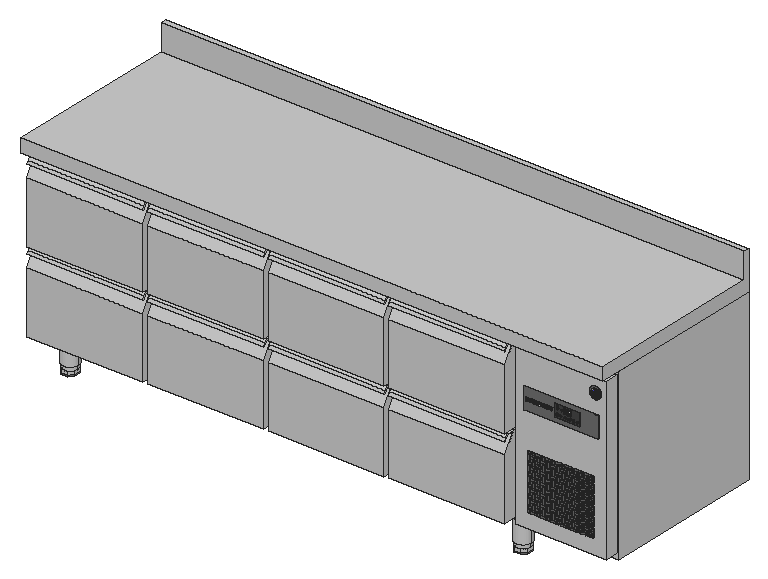
Revit family "QF_HOSHIZAKI_889040834", category Specialty Equipment, Revit 2016
Family settings
  Part Type = Normal
  Round Connector Dimension = Use Diameter
  OmniClass Number = 23.40.40.14
  OmniClass Title = Food Service Equipment
  Work Plane-Based = No
  Always vertical = Yes
  Cut with Voids When Loaded = No
  Shared = No
  Room Calculation Point = No
Parameters (values of type "889040834_230V/1Ph/50Hz")
  Weight = 159.00 kg
  Volts = 230 V
  URL Cutsheet = ""
  URL = "www.hoshizaki-europe.com"
  Status [instance] = ""
  Specification by User [instance] = ""
  Specification by Manufacturer [instance] = ""
  Serial Number = ""
  Seismic Rating = ""
  SMACNA No = ""
  Revision Code [instance] = ""
  Phase = 1
  Number of Poles = 2
  NAFEM Spec ID Number = ""
  Model = "ACR-225DG-2222-CRS-L2"
  Min Ckt Ampacity = 0 A
  Max Overcurrent Protection = 0 A
  Masterspec = ""
  Manufacturer = "HOSHIZAKI"
  Length Actual = 2246 mm
  Item Number [instance] = ""
  Installed By [instance] = ""
  Identify Quantity as Lot [instance] = no
  Height Actual = 900 mm
  HP power = ""
  Furnished By [instance] = ""
  Foodservice Equipment Identifier [instance] = yes
  FL Amps = 1.7 A
  Electric power = 240 W
  Electric Connection Type [instance] = ""
  Elec Conn RI Height [instance] = 0 mm
  Elec Conn Connection Height [instance] = 200 mm
  Description = "ADVANCE 4-SECTION 1/1 GN REFRIGERATED COUNTER WITH 4 DRAWER SECTIONS EACH WITH 2 X 1/2 DRAWERS AND A WORKTOP WITH 100 MM SPLASHBACK"
  Depth Actual = 700 mm
  Cycle = 50 Hz
  Cost = 0
  Conn Plug = ""
  Conn Conduit = no
  CSI MasterFormat = ""
  Assembly Code = "E1090320"
  Apparent Power = 240 VA
  Accessory = no
Reference planes
  plane 1 "Center (Front/Back)": y = 0
  plane 2: z = 0
  plane 3 "Center (Left/Right)": x = 0
Forms (mm)
  Extrusion 1, solid, not visible
    sketch origin (1999, -17, 349) x (1, 0, 0) y (0, 1, 0)
      loop
        line (0, 0) -> (2, 0) -> (2, 2) -> (0, 2) -> (0, 0)
    from 0 to 2
Dimensions and locks
  aligned and locked: level to plane 2
Nested families
  nested 1: "QF_HOSHIZAKI_889040834_230V_1Ph_50Hz" at (0, 0, 150), type "889040834_230V/1Ph/50Hz"
    with Show Logo yes, Length Actual 2246 mm, Height Actual 650 mm, Depth Actual 700 mm, Compressor offset 1890 mm, Compressor location 1
  nested 2: "QF_HOSHIZAKI_ADVANCE_REF-COUNTER-WORKTOPS" at (0, 0, 800), type "760660003-1"
    with Worktop thickness 50 mm, Length Actual 2246 mm, Depth Actual 700 mm, Backsplash thickness 20 mm, Backsplash height 100 mm, Worktop without backsplash no, Worktop with backsplash yes
  nested 3: "QF_HOSHIZAKI_ADVANCE_REF-COUNTER-DOORS-DRAWERS" at (22, -700, 150), type "760660483-1"
    with Weight 0.00 kg, URL Cutsheet "", Status "", Specification by User "", Specification by Manufacturer "", Serial Number "", Seismic Rating "", Section size 446 mm, Section 3, SMACNA No "", Right hand hinged glass door no, Right hand hinged door no, Revision Code "", NAFEM Spec ID Number "", Masterspec "", Length Actual 0 mm, Left hand hinged glass door no, Left hand hinged door no, Item Number "", Installed By "", Identify Quantity as Lot no, Height Actual 0 mm, Furnished By "", Foodservice Equipment Identifier no, Depth Actual 0 mm, CSI MasterFormat "", Accessory yes, 3 Drawers no, 2 Drawers 1-3 and 2-3 no, 2 Drawers yes
  nested 4: "QF_HOSHIZAKI_ADVANCE_REF-COUNTER-DOORS-DRAWERS" at (488, -700, 150), type "760660483-1"
    with Weight 0.00 kg, URL Cutsheet "", Status "", Specification by User "", Specification by Manufacturer "", Serial Number "", Seismic Rating "", Section size 446 mm, Section 3, SMACNA No "", Right hand hinged glass door no, Right hand hinged door no, Revision Code "", NAFEM Spec ID Number "", Masterspec "", Length Actual 0 mm, Left hand hinged glass door no, Left hand hinged door no, Item Number "", Installed By "", Identify Quantity as Lot no, Height Actual 0 mm, Furnished By "", Foodservice Equipment Identifier no, Depth Actual 0 mm, CSI MasterFormat "", Accessory yes, 3 Drawers no, 2 Drawers 1-3 and 2-3 no, 2 Drawers yes
  nested 5: "QF_HOSHIZAKI_ADVANCE_REF-COUNTER-DOORS-DRAWERS" at (952, -700, 150), type "760660483-1"
    with Weight 0.00 kg, URL Cutsheet "", Status "", Specification by User "", Specification by Manufacturer "", Serial Number "", Seismic Rating "", Section size 446 mm, Section 3, SMACNA No "", Right hand hinged glass door no, Right hand hinged door no, Revision Code "", NAFEM Spec ID Number "", Masterspec "", Length Actual 0 mm, Left hand hinged glass door no, Left hand hinged door no, Item Number "", Installed By "", Identify Quantity as Lot no, Height Actual 0 mm, Furnished By "", Foodservice Equipment Identifier no, Depth Actual 0 mm, CSI MasterFormat "", Accessory yes, 3 Drawers no, 2 Drawers 1-3 and 2-3 no, 2 Drawers yes
  nested 6: "QF_HOSHIZAKI_ADVANCE_REF-COUNTER-DOORS-DRAWERS" at (1416, -700, 150), type "760660483-1"
    with Weight 0.00 kg, URL Cutsheet "", Status "", Specification by User "", Specification by Manufacturer "", Serial Number "", Seismic Rating "", Section size 446 mm, Section 3, SMACNA No "", Right hand hinged glass door no, Right hand hinged door no, Revision Code "", NAFEM Spec ID Number "", Masterspec "", Length Actual 0 mm, Left hand hinged glass door no, Left hand hinged door no, Item Number "", Installed By "", Identify Quantity as Lot no, Height Actual 0 mm, Furnished By "", Foodservice Equipment Identifier no, Depth Actual 0 mm, CSI MasterFormat "", Accessory yes, 3 Drawers no, 2 Drawers 1-3 and 2-3 no, 2 Drawers yes
  nested 7: "QF_HOSHIZAKI_ADVANCE_REF-COUNTER-LEGS" at (0, 0, 0), type "760660118-7"
    with Weight 0.00 kg, URL Cutsheet "", Status "", Specification by User "", Specification by Manufacturer "", Serial Number "", Seismic Rating "", SMACNA No "", Revision Code "", NAFEM Spec ID Number "", Masterspec "", Length Actual 2246 mm, Legs inset right 430 mm, Legs inset rear 70 mm, Legs inset left 70 mm, Legs inset front 153 mm, Item Number "", Installed By "", Identify Quantity as Lot no, Height Actual 150 mm, Furnished By "", Foodservice Equipment Identifier no, Depth Actual 700 mm, Central Legs no, CSI MasterFormat "", Accessory yes
Connectors
  electrical at (2000, -15, 350), driven by "Apparent Power", driven by "Number of Poles", driven by "Volts"
    settings: on Extrusion 1, index 1, voltage 230 V, apparent load 0 VA, apparent load phase1 240 VA, apparent load phase2 0 VA, apparent load phase3 0 VA, power factor 1, load classification "Other", number of poles 2, system type 31, power factor state 1, is connector primary yes, connector utility no, sub classification motor no, connector description "Electric connection for '889040834'"
Definition of nested family "QF_HOSHIZAKI_889040834_230V_1Ph_50Hz"
  Parameters (values of type "889040834_230V/1Ph/50Hz")
    URL = "www.hoshizaki-europe.com"
    Show Logo [instance] = yes
    Model = "ACR-225DG-2222-CRS-L2"
    Manufacturer = "HOSHIZAKI"
    Length Actual [instance] = 2246 mm
    Height Actual [instance] = 650 mm
    Description = "ADVANCE 4-SECTION 1/1 GN REFRIGERATED COUNTER WITH 4 DRAWER SECTIONS EACH WITH 2 X 1/2 DRAWERS AND A WORKTOP WITH 100 MM SPLASHBACK"
    Depth Actual [instance] = 700 mm
    Compressor offset [instance] = if(Compressor location = 1, Length Actual - 356 mm, if(Compressor location = 2, 7 mm, Length Actual - 356 mm))  # 1890 mm
    Compressor location [instance] = 1
    Author = "SPECIFI"
    Assembly Code = "E1090320"
  Types (60, lengths in mm): name | Model | Length Actual | Description | Compressor offset
    889000840 | "ACR-130DG-LR-RRC-L1" | 1314 | "ADVANCE 2-SECTION 1/1 GN REFRIGERATED COUNTER WITH 2 DOORS AND A FLAT WORKTOP" | 958
    889000848 | "ACR-130DG-22-RRC-L1" | 1314 | "ADVANCE 2-SECTION 1/1 GN REFRIGERATED COUNTER WITH 2 DRAWER SECTIONS EACH WITH 2 X 1/2 DRAWERS AND A FLAT WORKTOP" | 958
    889000856 | "ACR-130DG-32-RRC-L1" | 1314 | "ADVANCE 2-SECTION 1/1 GN REFRIGERATED COUNTER WITH 1 DRAWER SECTION WITH 3 X 1/3 DRAWERS, 1 DRAWER SECTION WITH 2 X 1/2 DRAWERS AND A FLAT WORKTOP" | 958
    889000844 | "ACR-130DG-LR-RRS-L1" | 1314 | "ADVANCE 2-SECTION 1/1 GN REFRIGERATED COUNTER WITH 2 DOORS AND A WORKTOP WITH 100 MM SPLASHBACK" | 958
    889000852 | "ACR-130DG-22-RRS-L1" | 1314 | "ADVANCE 2-SECTION 1/1 GN REFRIGERATED COUNTER WITH 2 DRAWER SECTIONS EACH WITH 2 X 1/2 DRAWERS AND A WORKTOP WITH 100 MM SPLASHBACK" | 958
    889000861 | "ACR-130DG-LR-RRC-C1-U" | 1314 | "ADVANCE 2-SECTION 1/1 GN REFRIGERATED COUNTER WITH 2 DOORS AND A FLAT WORKTOP" | 958
    889000869 | "ACR-130DG-22-RRC-C1-U" | 1314 | "ADVANCE 2-SECTION 1/1 GN REFRIGERATED COUNTER WITH 2 DRAWER SECTIONS EACH WITH 2 X 1/2 DRAWERS AND A FLAT WORKTOP" | 958
    889000877 | "ACR-130DG-32-RRC-C1-U" | 1314 | "ADVANCE 2-SECTION 1/1 GN REFRIGERATED COUNTER WITH 1 DRAWER SECTION WITH 3 X 1/3 DRAWERS, 1 DRAWER SECTION WITH 2 X 1/2 DRAWERS AND A FLAT WORKTOP" | 958
    889000865 | "ACR-130DG-LR-RRS-C1-U" | 1314 | "ADVANCE 2-SECTION 1/1 GN REFRIGERATED COUNTER WITH 2 DOORS AND A WORKTOP WITH 100 MM SPLASHBACK" | 958
    889000873 | "ACR-130DG-22-RRS-C1-U" | 1314 | "ADVANCE 2-SECTION 1/1 GN REFRIGERATED COUNTER WITH 2 DRAWER SECTIONS EACH WITH 2 X 1/2 DRAWERS AND A WORKTOP WITH 100 MM SPLASHBACK" | 958
    889000842 | "ACR-130DG-LR-RRC-L2" | 1314 | "ADVANCE 2-SECTION 1/1 GN REFRIGERATED COUNTER WITH 2 DOORS AND A FLAT WORKTOP" | 958
    889000850 | "ACR-130DG-22-RRC-L2" | 1314 | "ADVANCE 2-SECTION 1/1 GN REFRIGERATED COUNTER WITH 2 DRAWER SECTIONS EACH WITH 2 X 1/2 DRAWERS AND A FLAT WORKTOP" | 958
    889000858 | "ACR-130DG-32-RRC-L2" | 1314 | "ADVANCE 2-SECTION 1/1 GN REFRIGERATED COUNTER WITH 1 DRAWER SECTION WITH 3 X 1/3 DRAWERS, 1 DRAWER SECTION WITH 2 X 1/2 DRAWERS AND A FLAT WORKTOP" | 958
    889000846 | "ACR-130DG-LR-RRS-L2" | 1314 | "ADVANCE 2-SECTION 1/1 GN REFRIGERATED COUNTER WITH 2 DOORS AND A WORKTOP WITH 100 MM SPLASHBACK" | 958
    889000854 | "ACR-130DG-22-RRS-L2" | 1314 | "ADVANCE 2-SECTION 1/1 GN REFRIGERATED COUNTER WITH 2 DRAWER SECTIONS EACH WITH 2 X 1/2 DRAWERS AND A WORKTOP WITH 100 MM SPLASHBACK" | 958
    889000822 | "ACR-130DG-LR-CRC-L2" | 1314 | "ADVANCE 2-SECTION 1/1 GN REFRIGERATED COUNTER WITH 2 DOORS AND A FLAT WORKTOP" | 958
    889000830 | "ACR-130DG-22-CRC-L2" | 1314 | "ADVANCE 2-SECTION 1/1 GN REFRIGERATED COUNTER WITH 2 DRAWER SECTIONS EACH WITH 2 X 1/2 DRAWERS AND A FLAT WORKTOP" | 958
    889000838 | "ACR-130DG-32-CRC-L2" | 1314 | "ADVANCE 2-SECTION 1/1 GN REFRIGERATED COUNTER WITH 1 DRAWER SECTION WITH 3 X 1/3 DRAWERS, 1 DRAWER SECTION WITH 2 X 1/2 DRAWERS AND A FLAT WORKTOP" | 958
    889000826 | "ACR-130DG-LR-CRS-L2" | 1314 | "ADVANCE 2-SECTION 1/1 GN REFRIGERATED COUNTER WITH 2 DOORS AND A WORKTOP WITH 100 MM SPLASHBACK" | 958
    889000834 | "ACR-130DG-22-CRS-L2" | 1314 | "ADVANCE 2-SECTION 1/1 GN REFRIGERATED COUNTER WITH 2 DRAWER SECTIONS EACH WITH 2 X 1/2 DRAWERS AND A WORKTOP WITH 100 MM SPLASHBACK" | 958
    889020840 | "ACR-180DG-LRR-RRC-L1" | 1780 | "ADVANCE 3-SECTION 1/1 GN REFRIGERATED COUNTER WITH 3 DOORS AND A FLAT WORKTOP" | 1424
    889020848 | "ACR-180DG-222-RRC-L1" | 1780 | "ADVANCE 3-SECTION 1/1 GN REFRIGERATED COUNTER WITH 3 DRAWER SECTIONS EACH WITH 2 X 1/2 DRAWERS AND A FLAT WORKTOP" | 1424
    889020856 | "ACR-180DG-332-RRC-L1" | 1780 | "ADVANCE 3-SECTION 1/1 GN REFRIGERATED COUNTER WITH 2 DRAWER SECTIONS EACH WITH 3 X 1/3 DRAWERS, 1 DRAWER SECTION WITH 2 X 1/2 DRAWERS AND A FLAT WORKTOP" | 1424
    889020844 | "ACR-180DG-LRR-RRS-L1" | 1780 | "ADVANCE 3-SECTION 1/1 GN REFRIGERATED COUNTER WITH 3 DOORS AND A WORKTOP WITH 100 MM SPLASHBACK" | 1424
    889020852 | "ACR-180DG-222-RRS-L1" | 1780 | "ADVANCE 3-SECTION 1/1 GN REFRIGERATED COUNTER WITH 3 DRAWER SECTIONS EACH WITH 2 X 1/2 DRAWERS AND A WORKTOP WITH 100 MM SPLASHBACK" | 1424
    889020861 | "ACR-180DG-LRR-RRC-C1-U" | 1780 | "ADVANCE 3-SECTION 1/1 GN REFRIGERATED COUNTER WITH 3 DOORS AND A FLAT WORKTOP" | 1424
    889020869 | "ACR-180DG-222-RRC-C1-U" | 1780 | "ADVANCE 3-SECTION 1/1 GN REFRIGERATED COUNTER WITH 3 DRAWER SECTIONS EACH WITH 2 X 1/2 DRAWERS AND A FLAT WORKTOP" | 1424
    889020877 | "ACR-180DG-332-RRC-C1-U" | 1780 | "ADVANCE 3-SECTION 1/1 GN REFRIGERATED COUNTER WITH 2 DRAWER SECTIONS EACH WITH 3 X 1/3 DRAWERS, 1 DRAWER SECTION WITH 2 X 1/2 DRAWERS AND A FLAT WORKTOP" | 1424
    889020865 | "ACR-180DG-LRR-RRS-C1-U" | 1780 | "ADVANCE 3-SECTION 1/1 GN REFRIGERATED COUNTER WITH 3 DOORS AND A WORKTOP WITH 100 MM SPLASHBACK" | 1424
    889020873 | "ACR-180DG-222-RRS-C1-U" | 1780 | "ADVANCE 3-SECTION 1/1 GN REFRIGERATED COUNTER WITH 3 DRAWER SECTIONS EACH WITH 2 X 1/2 DRAWERS AND A WORKTOP WITH 100 MM SPLASHBACK" | 1424
    889020842 | "ACR-180DG-LRR-RRC-L2" | 1780 | "ADVANCE 3-SECTION 1/1 GN REFRIGERATED COUNTER WITH 3 DOORS AND A FLAT WORKTOP" | 1424
    889020850 | "ACR-180DG-222-RRC-L2" | 1780 | "ADVANCE 3-SECTION 1/1 GN REFRIGERATED COUNTER WITH 3 DRAWER SECTIONS EACH WITH 2 X 1/2 DRAWERS AND A FLAT WORKTOP" | 1424
    889020858 | "ACR-180DG-332-RRC-L2" | 1780 | "ADVANCE 3-SECTION 1/1 GN REFRIGERATED COUNTER WITH 2 DRAWER SECTIONS EACH WITH 3 X 1/3 DRAWERS, 1 DRAWER SECTION WITH 2 X 1/2 DRAWERS AND A FLAT WORKTOP" | 1424
    889020846 | "ACR-180DG-LRR-RRS-L2" | 1780 | "ADVANCE 3-SECTION 1/1 GN REFRIGERATED COUNTER WITH 3 DOORS AND A WORKTOP WITH 100 MM SPLASHBACK" | 1424
    889020854 | "ACR-180DG-222-RRS-L2" | 1780 | "ADVANCE 3-SECTION 1/1 GN REFRIGERATED COUNTER WITH 3 DRAWER SECTIONS EACH WITH 2 X 1/2 DRAWERS AND A WORKTOP WITH 100 MM SPLASHBACK" | 1424
    889020823 | "ACR-180DG-LRR-CRC-L2" | 1780 | "ADVANCE 3-SECTION 1/1 GN REFRIGERATED COUNTER WITH 3 DOORS AND A FLAT WORKTOP" | 1424
    889020830 | "ACR-180DG-222-CRC-L2" | 1780 | "ADVANCE 3-SECTION 1/1 GN REFRIGERATED COUNTER WITH 3 DRAWER SECTIONS EACH WITH 2 X 1/2 DRAWERS AND A FLAT WORKTOP" | 1424
    889020838 | "ACR-180DG-332-CRC-L2" | 1780 | "ADVANCE 3-SECTION 1/1 GN REFRIGERATED COUNTER WITH 2 DRAWER SECTIONS EACH WITH 3 X 1/3 DRAWERS, 1 DRAWER SECTION WITH 2 X 1/2 DRAWERS AND A FLAT WORKTOP" | 1424
    889020827 | "ACR-180DG-LRR-CRS-L2" | 1780 | "ADVANCE 3-SECTION 1/1 GN REFRIGERATED COUNTER WITH 3 DOORS AND A WORKTOP WITH 100 MM SPLASHBACK" | 1424
    889020834 | "ACR-180DG-222-CRS-L2" | 1780 | "ADVANCE 3-SECTION 1/1 GN REFRIGERATED COUNTER WITH 3 DRAWER SECTIONS EACH WITH 2 X 1/2 DRAWERS AND A WORKTOP WITH 100 MM SPLASHBACK" | 1424
    889040840 | "ACR-225DG-LLRR-RRC-L1" | 2246 | "ADVANCE 4-SECTION 1/1 GN REFRIGERATED COUNTER WITH 4 DOORS AND A FLAT WORKTOP" | 1890
    889040848 | "ACR-225DG-2222-RRC-L1" | 2246 | "ADVANCE 4-SECTION 1/1 GN REFRIGERATED COUNTER WITH 4 DRAWER SECTIONS EACH WITH 2 X 1/2 DRAWERS AND A FLAT WORKTOP" | 1890
    889040856 | "ACR-225DG-3332-RRC-L1" | 2246 | "ADVANCE 4-SECTION 1/1 GN REFRIGERATED COUNTER WITH 3 DRAWER SECTIONS EACH WITH 3 X 1/3 DRAWERS, 1 DRAWER SECTION WITH 2 X 1/2 DRAWERS AND A FLAT WORKTOP" | 1890
    889040844 | "ACR-225DG-LLRR-RRS-L1" | 2246 | "ADVANCE 4-SECTION 1/1 GN REFRIGERATED COUNTER WITH 4 DOORS AND A WORKTOP WITH 100 MM SPLASHBACK" | 1890
    889040852 | "ACR-225DG-2222-RRS-L1" | 2246 | "ADVANCE 4-SECTION 1/1 GN REFRIGERATED COUNTER WITH 4 DRAWER SECTIONS EACH WITH 2 X 1/2 DRAWERS AND A WORKTOP WITH 100 MM SPLASHBACK" | 1890
    889040861 | "ACR-225DG-LLRR-RRC-C1-U" | 2246 | "ADVANCE 4-SECTION 1/1 GN REFRIGERATED COUNTER WITH 4 DOORS AND A FLAT WORKTOP" | 1890
    889040869 | "ACR-225DG-2222-RRC-C1-U" | 2246 | "ADVANCE 4-SECTION 1/1 GN REFRIGERATED COUNTER WITH 4 DRAWER SECTIONS EACH WITH 2 X 1/2 DRAWERS AND A FLAT WORKTOP" | 1890
    889040877 | "ACR-225DG-3332-RRC-C1-U" | 2246 | "ADVANCE 4-SECTION 1/1 GN REFRIGERATED COUNTER WITH 3 DRAWER SECTIONS EACH WITH 3 X 1/3 DRAWERS, 1 DRAWER SECTION WITH 2 X 1/2 DRAWERS AND A FLAT WORKTOP" | 1890
    889040865 | "ACR-225DG-LLRR-RRS-C1-U" | 2246 | "ADVANCE 4-SECTION 1/1 GN REFRIGERATED COUNTER WITH 4 DOORS AND A WORKTOP WITH 100 MM SPLASHBACK" | 1890
    889040873 | "ACR-225DG-2222-RRS-C1-U" | 2246 | "ADVANCE 4-SECTION 1/1 GN REFRIGERATED COUNTER WITH 4 DRAWER SECTIONS EACH WITH 2 X 1/2 DRAWERS AND A WORKTOP WITH 100 MM SPLASHBACK" | 1890
    889040842 | "ACR-225DG-LLRR-RRC-L2" | 2246 | "ADVANCE 4-SECTION 1/1 GN REFRIGERATED COUNTER WITH 4 DOORS AND A FLAT WORKTOP" | 1890
    889040850 | "ACR-225DG-2222-RRC-L2" | 2246 | "ADVANCE 4-SECTION 1/1 GN REFRIGERATED COUNTER WITH 4 DRAWER SECTIONS EACH WITH 2 X 1/2 DRAWERS AND A FLAT WORKTOP" | 1890
    889040858 | "ACR-225DG-3332-RRC-L2" | 2246 | "ADVANCE 4-SECTION 1/1 GN REFRIGERATED COUNTER WITH 3 DRAWER SECTIONS EACH WITH 3 X 1/3 DRAWERS, 1 DRAWER SECTION WITH 2 X 1/2 DRAWERS AND A FLAT WORKTOP" | 1890
    889040846 | "ACR-225DG-LLRR-RRS-L2" | 2246 | "ADVANCE 4-SECTION 1/1 GN REFRIGERATED COUNTER WITH 4 DOORS AND A WORKTOP WITH 100 MM SPLASHBACK" | 1890
    889040854 | "ACR-225DG-2222-RRS-L2" | 2246 | "ADVANCE 4-SECTION 1/1 GN REFRIGERATED COUNTER WITH 4 DRAWER SECTIONS EACH WITH 2 X 1/2 DRAWERS AND A WORKTOP WITH 100 MM SPLASHBACK" | 1890
    889040822 | "ACR-225DG-LLRR-CRC-L2" | 2246 | "ADVANCE 4-SECTION 1/1 GN REFRIGERATED COUNTER WITH 4 DOORS AND A FLAT WORKTOP" | 1890
    889040830 | "ACR-225DG-2222-CRC-L2" | 2246 | "ADVANCE 4-SECTION 1/1 GN REFRIGERATED COUNTER WITH 4 DRAWER SECTIONS EACH WITH 2 X 1/2 DRAWERS AND A FLAT WORKTOP" | 1890
    889040838 | "ACR-225DG-3332-CRC-L2" | 2246 | "ADVANCE 4-SECTION 1/1 GN REFRIGERATED COUNTER WITH 3 DRAWER SECTIONS EACH WITH 3 X 1/3 DRAWERS, 1 DRAWER SECTION WITH 2 X 1/2 DRAWERS AND A FLAT WORKTOP" | 1890
    889040826 | "ACR-225DG-LLRR-CRS-L2" | 2246 | "ADVANCE 4-SECTION 1/1 GN REFRIGERATED COUNTER WITH 4 DOORS AND A WORKTOP WITH 100 MM SPLASHBACK" | 1890
    889040834_230V/1Ph/50Hz | "ACR-225DG-2222-CRS-L2" | 2246 | "ADVANCE 4-SECTION 1/1 GN REFRIGERATED COUNTER WITH 4 DRAWER SECTIONS EACH WITH 2 X 1/2 DRAWERS AND A WORKTOP WITH 100 MM SPLASHBACK" | 1890
  Reference planes
    plane 1 "Back": y = 0
    plane 2: z = 0
    plane 3 "Left": x = 0
    plane 4 "Right": x = 2246
    plane 5 "Front": y = -700
    plane 6 "Top": z = 650
    plane 7 "Front legs": y = -624.512
    plane 8 "Compressor dimension": x = 2246
    plane 9 "Compressor offset": x = 1890
  Forms (mm)
    Extrusion 1, solid
      sketch origin (0, 0, 0) x (0, 1, 0) y (0, 0, 1)
        loop
          line (0, 650) -> (-624.512, 650) -> (-624.512, 0) -> (0, 0) -> (0, 650)
      from 0 to 2246
    Extrusion 2, solid
      sketch origin (1890, 0, 0) x (0, -1, 0) y (0, 0, 1)
        loop
          line (624.512, 634) -> (624.512, 20) -> (674.54, 20) -> (674.54, 634) -> (624.512, 634)
      from 0 to -349
  Lines and regions (mm)
    symbolic lines
      curve 1: line (0, 0, 650) -> (2246, 0, 650)
      curve 2: line (0, -700, 650) -> (0, 0, 650)
      curve 3: line (2246, -700, 650) -> (0, -700, 650)
      curve 4: line (2246, 0, 650) -> (2246, -700, 650)
  Dimensions and locks
    "Length Actual": plane 3 "Left" to plane 4 "Right"
    "Depth Actual": plane 5 "Front" to plane 1 "Back"
    plane 7 "Front legs" to plane 5 "Front" = 75.488 mm
    "Compressor offset": plane 3 "Left" to plane 9 "Compressor offset"
    locked: plane 9 "Compressor offset" to plane 8 "Compressor dimension" at 356
    plane 6 "Top" to level = 650 mm
    aligned and locked: level to plane 2
    aligned and locked: plane 1 "Back" to Extrusion 1 sketch curve
    aligned and locked: plane 7 "Front legs" to Extrusion 1 sketch curve
    aligned and locked: Extrusion 1 to plane 4 "Right"
    aligned and locked: plane 7 "Front legs" to Extrusion 2 sketch curve
    aligned and locked: nested 1 to plane 5 "Front"
    aligned and locked: nested 1 to plane 9 "Compressor offset"
    aligned and locked: Extrusion 1 sketch curve to plane 6 "Top"
    aligned and locked: plane 2 to Extrusion 1 sketch curve
    aligned and locked: plane 1 "Back" to curve 1
    aligned and locked: plane 5 "Front" to curve 3
    aligned and locked: plane 4 "Right" to curve 4
    aligned and locked: plane 3 "Left" to curve 2
  Automatic sketch dimensions
    plane 5 "Front" to Extrusion 2 sketch curve = 25.46 mm
    level to Extrusion 2 sketch curve = 20 mm
    Extrusion 2 sketch curve to plane 6 "Top" = 16 mm
  Nested families
    nested 1: "Control-panel" at (1890, -700, 0), Show Logo <- "Show Logo", type "Control-panel"
      with Show Logo yes
  Definition of nested family "Control-panel"
    Parameters (values of type "Control-panel")
      Show Logo [instance] = yes
    Reference planes
      plane 1 "Center (Front/Back)": y = 0
      plane 2: z = 0
      plane 3 "Center (Left/Right)": x = 0
      plane 4: z = 650
    Forms (mm)
      Extrusion 1, solid
        sketch origin (-3653, 19.5, -135) x (-1, 0, 0) y (0, 0, 1)
          loop
            arc (-3941, 426) -> (-3944.5, 422.5) -> (-3941, 419) r 3.5
            line (-3941, 419) -> (-3923, 419)
            arc (-3923, 419) -> (-3919.5, 422.5) -> (-3923, 426) r 3.5
            line (-3923, 426) -> (-3941, 426)
          loop
            arc (-3903, 426) -> (-3906.5, 422.5) -> (-3903, 419) r 3.5
            line (-3903, 419) -> (-3885, 419)
            arc (-3885, 419) -> (-3881.5, 422.5) -> (-3885, 426) r 3.5
            line (-3885, 426) -> (-3903, 426)
          loop
            arc (-3865, 426) -> (-3868.5, 422.5) -> (-3865, 419) r 3.5
            line (-3865, 419) -> (-3847, 419)
            arc (-3847, 419) -> (-3843.5, 422.5) -> (-3847, 426) r 3.5
            line (-3847, 426) -> (-3865, 426)
          loop
            arc (-3827, 426) -> (-3830.5, 422.5) -> (-3827, 419) r 3.5
            line (-3827, 419) -> (-3809, 419)
            arc (-3809, 419) -> (-3805.5, 422.5) -> (-3809, 426) r 3.5
            line (-3809, 426) -> (-3827, 426)
          loop
            arc (-3789, 426) -> (-3792.5, 422.5) -> (-3789, 419) r 3.5
            line (-3789, 419) -> (-3771, 419)
            arc (-3771, 419) -> (-3767.5, 422.5) -> (-3771, 426) r 3.5
            line (-3771, 426) -> (-3789, 426)
          loop
            arc (-3751, 426) -> (-3754.5, 422.5) -> (-3751, 419) r 3.5
            line (-3751, 419) -> (-3733, 419)
            arc (-3733, 419) -> (-3729.5, 422.5) -> (-3733, 426) r 3.5
            line (-3733, 426) -> (-3751, 426)
          loop
            arc (-3713, 426) -> (-3716.5, 422.5) -> (-3713, 419) r 3.5
            line (-3713, 419) -> (-3704, 419)
            arc (-3704, 419) -> (-3700.5, 422.5) -> (-3704, 426) r 3.5
            line (-3704, 426) -> (-3713, 426)
          loop
            arc (-3948, 422) -> (-3951, 425) -> (-3954, 422) r 3
            line (-3954, 422) -> (-3954, 413)
            arc (-3954, 413) -> (-3951, 410) -> (-3948, 413) r 3
            line (-3948, 413) -> (-3948, 422)
          loop
            line (-3938.025, 416.51) -> (-3945.025, 416.51) -> (-3945.025, 409.51) -> (-3938.025, 409.51) -> (-3938.025, 416.51)
          loop
            line (-3919.025, 416.51) -> (-3926.025, 416.51) -> (-3926.025, 409.51) -> (-3919.025, 409.51) -> (-3919.025, 416.51)
          loop
            arc (-3910, 422) -> (-3913, 425) -> (-3916, 422) r 3
            line (-3916, 422) -> (-3916, 413)
            arc (-3916, 413) -> (-3913, 410) -> (-3910, 413) r 3
            line (-3910, 413) -> (-3910, 422)
          loop
            line (-3900.025, 416.51) -> (-3907.025, 416.51) -> (-3907.025, 409.51) -> (-3900.025, 409.51) -> (-3900.025, 416.51)
          loop
            line (-3881.025, 416.51) -> (-3888.025, 416.51) -> (-3888.025, 409.51) -> (-3881.025, 409.51) -> (-3881.025, 416.51)
          loop
            arc (-3872, 422) -> (-3875, 425) -> (-3878, 422) r 3
            line (-3878, 422) -> (-3878, 413)
            arc (-3878, 413) -> (-3875, 410) -> (-3872, 413) r 3
            line (-3872, 413) -> (-3872, 422)
          loop
            line (-3862.025, 416.51) -> (-3869.025, 416.51) -> (-3869.025, 409.51) -> (-3862.025, 409.51) -> (-3862.025, 416.51)
          loop
            line (-3843.025, 416.51) -> (-3850.025, 416.51) -> (-3850.025, 409.51) -> (-3843.025, 409.51) -> (-3843.025, 416.51)
          loop
            arc (-3834, 422) -> (-3837, 425) -> (-3840, 422) r 3
            line (-3840, 422) -> (-3840, 413)
            arc (-3840, 413) -> (-3837, 410) -> (-3834, 413) r 3
            line (-3834, 413) -> (-3834, 422)
          loop
            line (-3824.025, 416.51) -> (-3831.025, 416.51) -> (-3831.025, 409.51) -> (-3824.025, 409.51) -> (-3824.025, 416.51)
          loop
            line (-3805.025, 416.51) -> (-3812.025, 416.51) -> (-3812.025, 409.51) -> (-3805.025, 409.51) -> (-3805.025, 416.51)
          loop
            arc (-3796, 422) -> (-3799, 425) -> (-3802, 422) r 3
            line (-3802, 422) -> (-3802, 413)
            arc (-3802, 413) -> (-3799, 410) -> (-3796, 413) r 3
            line (-3796, 413) -> (-3796, 422)
          loop
            line (-3786.025, 416.51) -> (-3793.025, 416.51) -> (-3793.025, 409.51) -> (-3786.025, 409.51) -> (-3786.025, 416.51)
          loop
            line (-3767.025, 416.51) -> (-3774.025, 416.51) -> (-3774.025, 409.51) -> (-3767.025, 409.51) -> (-3767.025, 416.51)
          loop
            arc (-3758, 422) -> (-3761, 425) -> (-3764, 422) r 3
            line (-3764, 422) -> (-3764, 413)
            arc (-3764, 413) -> (-3761, 410) -> (-3758, 413) r 3
            line (-3758, 413) -> (-3758, 422)
          loop
            line (-3748.025, 416.51) -> (-3755.025, 416.51) -> (-3755.025, 409.51) -> (-3748.025, 409.51) -> (-3748.025, 416.51)
          loop
            line (-3729.025, 416.51) -> (-3736.025, 416.51) -> (-3736.025, 409.51) -> (-3729.025, 409.51) -> (-3729.025, 416.51)
          loop
            arc (-3720, 422) -> (-3723, 425) -> (-3726, 422) r 3
            line (-3726, 422) -> (-3726, 413)
            arc (-3726, 413) -> (-3723, 410) -> (-3720, 413) r 3
            line (-3720, 413) -> (-3720, 422)
          loop
            line (-3710.025, 416.51) -> (-3717.025, 416.51) -> (-3717.025, 409.51) -> (-3710.025, 409.51) -> (-3710.025, 416.51)
          loop
            line (-3935.5, 412.5) -> (-3935.5, 394.5)
            arc (-3935.5, 394.5) -> (-3932, 391) -> (-3928.5, 394.5) r 3.5
            line (-3928.5, 394.5) -> (-3928.5, 412.5)
            arc (-3928.5, 412.5) -> (-3932, 416) -> (-3935.5, 412.5) r 3.5
          loop
            line (-3897.5, 412.5) -> (-3897.5, 394.5)
            arc (-3897.5, 394.5) -> (-3894, 391) -> (-3890.5, 394.5) r 3.5
            line (-3890.5, 394.5) -> (-3890.5, 412.5)
            arc (-3890.5, 412.5) -> (-3894, 416) -> (-3897.5, 412.5) r 3.5
          loop
            line (-3859.5, 412.5) -> (-3859.5, 394.5)
            arc (-3859.5, 394.5) -> (-3856, 391) -> (-3852.5, 394.5) r 3.5
            line (-3852.5, 394.5) -> (-3852.5, 412.5)
            arc (-3852.5, 412.5) -> (-3856, 416) -> (-3859.5, 412.5) r 3.5
          loop
            line (-3821.5, 412.5) -> (-3821.5, 394.5)
            arc (-3821.5, 394.5) -> (-3818, 391) -> (-3814.5, 394.5) r 3.5
            line (-3814.5, 394.5) -> (-3814.5, 412.5)
            arc (-3814.5, 412.5) -> (-3818, 416) -> (-3821.5, 412.5) r 3.5
          loop
            line (-3783.5, 412.5) -> (-3783.5, 394.5)
            arc (-3783.5, 394.5) -> (-3780, 391) -> (-3776.5, 394.5) r 3.5
            line (-3776.5, 394.5) -> (-3776.5, 412.5)
            arc (-3776.5, 412.5) -> (-3780, 416) -> (-3783.5, 412.5) r 3.5
          loop
            line (-3745.5, 412.5) -> (-3745.5, 394.5)
            arc (-3745.5, 394.5) -> (-3742, 391) -> (-3738.5, 394.5) r 3.5
            line (-3738.5, 394.5) -> (-3738.5, 412.5)
            arc (-3738.5, 412.5) -> (-3742, 416) -> (-3745.5, 412.5) r 3.5
          loop
            line (-3707.5, 412.5) -> (-3707.5, 394.5)
            arc (-3707.5, 394.5) -> (-3704, 391) -> (-3700.5, 394.5) r 3.5
            line (-3700.5, 394.5) -> (-3700.5, 412.5)
            arc (-3700.5, 412.5) -> (-3704, 416) -> (-3707.5, 412.5) r 3.5
          loop
            arc (-3922, 407) -> (-3925.5, 403.5) -> (-3922, 400) r 3.5
            line (-3922, 400) -> (-3904, 400)
            arc (-3904, 400) -> (-3900.5, 403.5) -> (-3904, 407) r 3.5
            line (-3904, 407) -> (-3922, 407)
          loop
            arc (-3884, 407) -> (-3887.5, 403.5) -> (-3884, 400) r 3.5
            line (-3884, 400) -> (-3866, 400)
            arc (-3866, 400) -> (-3862.5, 403.5) -> (-3866, 407) r 3.5
            line (-3866, 407) -> (-3884, 407)
          loop
            arc (-3846, 407) -> (-3849.5, 403.5) -> (-3846, 400) r 3.5
            line (-3846, 400) -> (-3828, 400)
            arc (-3828, 400) -> (-3824.5, 403.5) -> (-3828, 407) r 3.5
            line (-3828, 407) -> (-3846, 407)
          loop
            arc (-3808, 407) -> (-3811.5, 403.5) -> (-3808, 400) r 3.5
            line (-3808, 400) -> (-3790, 400)
            arc (-3790, 400) -> (-3786.5, 403.5) -> (-3790, 407) r 3.5
            line (-3790, 407) -> (-3808, 407)
          loop
            arc (-3770, 407) -> (-3773.5, 403.5) -> (-3770, 400) r 3.5
            line (-3770, 400) -> (-3752, 400)
            arc (-3752, 400) -> (-3748.5, 403.5) -> (-3752, 407) r 3.5
            line (-3752, 407) -> (-3770, 407)
          loop
            arc (-3732, 407) -> (-3735.5, 403.5) -> (-3732, 400) r 3.5
            line (-3732, 400) -> (-3714, 400)
            arc (-3714, 400) -> (-3710.5, 403.5) -> (-3714, 407) r 3.5
            line (-3714, 407) -> (-3732, 407)
          loop
            line (-3938.025, 390.49) -> (-3938.025, 397.49) -> (-3945.025, 397.49) -> (-3945.025, 390.49) -> (-3938.025, 390.49)
          loop
            line (-3919.025, 390.49) -> (-3919.025, 397.49) -> (-3926.025, 397.49) -> (-3926.025, 390.49) -> (-3919.025, 390.49)
          loop
            line (-3900.025, 390.49) -> (-3900.025, 397.49) -> (-3907.025, 397.49) -> (-3907.025, 390.49) -> (-3900.025, 390.49)
          loop
            line (-3881.025, 390.49) -> (-3881.025, 397.49) -> (-3888.025, 397.49) -> (-3888.025, 390.49) -> (-3881.025, 390.49)
          loop
            line (-3862.025, 390.49) -> (-3862.025, 397.49) -> (-3869.025, 397.49) -> (-3869.025, 390.49) -> (-3862.025, 390.49)
          loop
            line (-3843.025, 390.49) -> (-3843.025, 397.49) -> (-3850.025, 397.49) -> (-3850.025, 390.49) -> (-3843.025, 390.49)
          loop
            line (-3824.025, 390.49) -> (-3824.025, 397.49) -> (-3831.025, 397.49) -> (-3831.025, 390.49) -> (-3824.025, 390.49)
          loop
            line (-3805.025, 390.49) -> (-3805.025, 397.49) -> (-3812.025, 397.49) -> (-3812.025, 390.49) -> (-3805.025, 390.49)
          loop
            line (-3786.025, 390.49) -> (-3786.025, 397.49) -> (-3793.025, 397.49) -> (-3793.025, 390.49) -> (-3786.025, 390.49)
          loop
            line (-3767.025, 390.49) -> (-3767.025, 397.49) -> (-3774.025, 397.49) -> (-3774.025, 390.49) -> (-3767.025, 390.49)
          loop
            line (-3748.025, 390.49) -> (-3748.025, 397.49) -> (-3755.025, 397.49) -> (-3755.025, 390.49) -> (-3748.025, 390.49)
          loop
            line (-3729.025, 390.49) -> (-3729.025, 397.49) -> (-3736.025, 397.49) -> (-3736.025, 390.49) -> (-3729.025, 390.49)
          loop
            line (-3710.025, 390.49) -> (-3710.025, 397.49) -> (-3717.025, 397.49) -> (-3717.025, 390.49) -> (-3710.025, 390.49)
          loop
            arc (-3719.5, 393.5) -> (-3723, 397) -> (-3726.5, 393.5) r 3.5
            line (-3726.5, 393.5) -> (-3726.5, 375.5)
            arc (-3726.5, 375.5) -> (-3723, 372) -> (-3719.5, 375.5) r 3.5
            line (-3719.5, 375.5) -> (-3719.5, 393.5)
          loop
            arc (-3757.5, 393.5) -> (-3761, 397) -> (-3764.5, 393.5) r 3.5
            line (-3764.5, 393.5) -> (-3764.5, 375.5)
            arc (-3764.5, 375.5) -> (-3761, 372) -> (-3757.5, 375.5) r 3.5
            line (-3757.5, 375.5) -> (-3757.5, 393.5)
          loop
            arc (-3795.5, 393.5) -> (-3799, 397) -> (-3802.5, 393.5) r 3.5
            line (-3802.5, 393.5) -> (-3802.5, 375.5)
            arc (-3802.5, 375.5) -> (-3799, 372) -> (-3795.5, 375.5) r 3.5
            line (-3795.5, 375.5) -> (-3795.5, 393.5)
          loop
            arc (-3833.5, 393.5) -> (-3837, 397) -> (-3840.5, 393.5) r 3.5
            line (-3840.5, 393.5) -> (-3840.5, 375.5)
            arc (-3840.5, 375.5) -> (-3837, 372) -> (-3833.5, 375.5) r 3.5
            line (-3833.5, 375.5) -> (-3833.5, 393.5)
          loop
            arc (-3871.5, 393.5) -> (-3875, 397) -> (-3878.5, 393.5) r 3.5
            line (-3878.5, 393.5) -> (-3878.5, 375.5)
            arc (-3878.5, 375.5) -> (-3875, 372) -> (-3871.5, 375.5) r 3.5
            line (-3871.5, 375.5) -> (-3871.5, 393.5)
          loop
            arc (-3909.5, 393.5) -> (-3913, 397) -> (-3916.5, 393.5) r 3.5
            line (-3916.5, 393.5) -> (-3916.5, 375.5)
            arc (-3916.5, 375.5) -> (-3913, 372) -> (-3909.5, 375.5) r 3.5
            line (-3909.5, 375.5) -> (-3909.5, 393.5)
          loop
            arc (-3951, 406.5) -> (-3954, 403.5) -> (-3951, 400.5) r 3
            line (-3951, 400.5) -> (-3942, 400.5)
            arc (-3942, 400.5) -> (-3939, 403.5) -> (-3942, 406.5) r 3
            line (-3942, 406.5) -> (-3951, 406.5)
          loop
            arc (-3947.5, 393.5) -> (-3951, 397) -> (-3954.5, 393.5) r 3.5
            line (-3954.5, 393.5) -> (-3954.5, 375.5)
            arc (-3954.5, 375.5) -> (-3951, 372) -> (-3947.5, 375.5) r 3.5
            line (-3947.5, 375.5) -> (-3947.5, 393.5)
          loop
            arc (-3941, 388.51) -> (-3944.5, 385.01) -> (-3941, 381.51) r 3.5
            line (-3941, 381.51) -> (-3923, 381.51)
            arc (-3923, 381.51) -> (-3919.5, 385.01) -> (-3923, 388.51) r 3.5
            line (-3923, 388.51) -> (-3941, 388.51)
          loop
            arc (-3903, 388.51) -> (-3906.5, 385.01) -> (-3903, 381.51) r 3.5
            line (-3903, 381.51) -> (-3885, 381.51)
            arc (-3885, 381.51) -> (-3881.5, 385.01) -> (-3885, 388.51) r 3.5
            line (-3885, 388.51) -> (-3903, 388.51)
          loop
            arc (-3865, 388.51) -> (-3868.5, 385.01) -> (-3865, 381.51) r 3.5
            line (-3865, 381.51) -> (-3847, 381.51)
            arc (-3847, 381.51) -> (-3843.5, 385.01) -> (-3847, 388.51) r 3.5
            line (-3847, 388.51) -> (-3865, 388.51)
          loop
            arc (-3827, 388.51) -> (-3830.5, 385.01) -> (-3827, 381.51) r 3.5
            line (-3827, 381.51) -> (-3809, 381.51)
            arc (-3809, 381.51) -> (-3805.5, 385.01) -> (-3809, 388.51) r 3.5
            line (-3809, 388.51) -> (-3827, 388.51)
          loop
            arc (-3789, 388.51) -> (-3792.5, 385.01) -> (-3789, 381.51) r 3.5
            line (-3789, 381.51) -> (-3771, 381.51)
            arc (-3771, 381.51) -> (-3767.5, 385.01) -> (-3771, 388.51) r 3.5
            line (-3771, 388.51) -> (-3789, 388.51)
          loop
            arc (-3751, 388.51) -> (-3754.5, 385.01) -> (-3751, 381.51) r 3.5
            line (-3751, 381.51) -> (-3733, 381.51)
            arc (-3733, 381.51) -> (-3729.5, 385.01) -> (-3733, 388.51) r 3.5
            line (-3733, 388.51) -> (-3751, 388.51)
          loop
            arc (-3713, 388.51) -> (-3716.5, 385.01) -> (-3713, 381.51) r 3.5
            line (-3713, 381.51) -> (-3704, 381.51)
            arc (-3704, 381.51) -> (-3700.5, 385.01) -> (-3704, 388.51) r 3.5
            line (-3704, 388.51) -> (-3713, 388.51)
          loop
            line (-3938.025, 379.02) -> (-3945.025, 379.02) -> (-3945.025, 372.02) -> (-3938.025, 372.02) -> (-3938.025, 379.02)
          loop
            line (-3919.025, 379.02) -> (-3926.025, 379.02) -> (-3926.025, 372.02) -> (-3919.025, 372.02) -> (-3919.025, 379.02)
          loop
            line (-3900.025, 379.02) -> (-3907.025, 379.02) -> (-3907.025, 372.02) -> (-3900.025, 372.02) -> (-3900.025, 379.02)
          loop
            line (-3881.025, 379.02) -> (-3888.025, 379.02) -> (-3888.025, 372.02) -> (-3881.025, 372.02) -> (-3881.025, 379.02)
          loop
            line (-3862.025, 379.02) -> (-3869.025, 379.02) -> (-3869.025, 372.02) -> (-3862.025, 372.02) -> (-3862.025, 379.02)
          loop
            line (-3843.025, 379.02) -> (-3850.025, 379.02) -> (-3850.025, 372.02) -> (-3843.025, 372.02) -> (-3843.025, 379.02)
          loop
            line (-3824.025, 379.02) -> (-3831.025, 379.02) -> (-3831.025, 372.02) -> (-3824.025, 372.02) -> (-3824.025, 379.02)
          loop
            line (-3805.025, 379.02) -> (-3812.025, 379.02) -> (-3812.025, 372.02) -> (-3805.025, 372.02) -> (-3805.025, 379.02)
          loop
            line (-3786.025, 379.02) -> (-3793.025, 379.02) -> (-3793.025, 372.02) -> (-3786.025, 372.02) -> (-3786.025, 379.02)
          loop
            line (-3767.025, 379.02) -> (-3774.025, 379.02) -> (-3774.025, 372.02) -> (-3767.025, 372.02) -> (-3767.025, 379.02)
          loop
            line (-3748.025, 379.02) -> (-3755.025, 379.02) -> (-3755.025, 372.02) -> (-3748.025, 372.02) -> (-3748.025, 379.02)
          loop
            line (-3729.025, 379.02) -> (-3736.025, 379.02) -> (-3736.025, 372.02) -> (-3729.025, 372.02) -> (-3729.025, 379.02)
          loop
            line (-3710.025, 379.02) -> (-3717.025, 379.02) -> (-3717.025, 372.02) -> (-3710.025, 372.02) -> (-3710.025, 379.02)
          loop
            line (-3935.5, 375.01) -> (-3935.5, 357.01)
            arc (-3935.5, 357.01) -> (-3932, 353.51) -> (-3928.5, 357.01) r 3.5
            line (-3928.5, 357.01) -> (-3928.5, 375.01)
            arc (-3928.5, 375.01) -> (-3932, 378.51) -> (-3935.5, 375.01) r 3.5
          loop
            line (-3897.5, 375.01) -> (-3897.5, 357.01)
            arc (-3897.5, 357.01) -> (-3894, 353.51) -> (-3890.5, 357.01) r 3.5
            line (-3890.5, 357.01) -> (-3890.5, 375.01)
            arc (-3890.5, 375.01) -> (-3894, 378.51) -> (-3897.5, 375.01) r 3.5
          loop
            line (-3859.5, 375.01) -> (-3859.5, 357.01)
            arc (-3859.5, 357.01) -> (-3856, 353.51) -> (-3852.5, 357.01) r 3.5
            line (-3852.5, 357.01) -> (-3852.5, 375.01)
            arc (-3852.5, 375.01) -> (-3856, 378.51) -> (-3859.5, 375.01) r 3.5
          loop
            line (-3821.5, 375.01) -> (-3821.5, 357.01)
            arc (-3821.5, 357.01) -> (-3818, 353.51) -> (-3814.5, 357.01) r 3.5
            line (-3814.5, 357.01) -> (-3814.5, 375.01)
            arc (-3814.5, 375.01) -> (-3818, 378.51) -> (-3821.5, 375.01) r 3.5
          loop
            line (-3783.5, 375.01) -> (-3783.5, 357.01)
            arc (-3783.5, 357.01) -> (-3780, 353.51) -> (-3776.5, 357.01) r 3.5
            line (-3776.5, 357.01) -> (-3776.5, 375.01)
            arc (-3776.5, 375.01) -> (-3780, 378.51) -> (-3783.5, 375.01) r 3.5
          loop
            line (-3745.5, 375.01) -> (-3745.5, 357.01)
            arc (-3745.5, 357.01) -> (-3742, 353.51) -> (-3738.5, 357.01) r 3.5
            line (-3738.5, 357.01) -> (-3738.5, 375.01)
            arc (-3738.5, 375.01) -> (-3742, 378.51) -> (-3745.5, 375.01) r 3.5
          loop
            line (-3707.5, 375.01) -> (-3707.5, 357.01)
            arc (-3707.5, 357.01) -> (-3704, 353.51) -> (-3700.5, 357.01) r 3.5
            line (-3700.5, 357.01) -> (-3700.5, 375.01)
            arc (-3700.5, 375.01) -> (-3704, 378.51) -> (-3707.5, 375.01) r 3.5
          loop
            arc (-3922, 369.51) -> (-3925.5, 366.01) -> (-3922, 362.51) r 3.5
            line (-3922, 362.51) -> (-3904, 362.51)
            arc (-3904, 362.51) -> (-3900.5, 366.01) -> (-3904, 369.51) r 3.5
            line (-3904, 369.51) -> (-3922, 369.51)
          loop
            arc (-3884, 369.51) -> (-3887.5, 366.01) -> (-3884, 362.51) r 3.5
            line (-3884, 362.51) -> (-3866, 362.51)
            arc (-3866, 362.51) -> (-3862.5, 366.01) -> (-3866, 369.51) r 3.5
            line (-3866, 369.51) -> (-3884, 369.51)
          loop
            arc (-3846, 369.51) -> (-3849.5, 366.01) -> (-3846, 362.51) r 3.5
            line (-3846, 362.51) -> (-3828, 362.51)
            arc (-3828, 362.51) -> (-3824.5, 366.01) -> (-3828, 369.51) r 3.5
            line (-3828, 369.51) -> (-3846, 369.51)
          loop
            arc (-3808, 369.51) -> (-3811.5, 366.01) -> (-3808, 362.51) r 3.5
            line (-3808, 362.51) -> (-3790, 362.51)
            arc (-3790, 362.51) -> (-3786.5, 366.01) -> (-3790, 369.51) r 3.5
            line (-3790, 369.51) -> (-3808, 369.51)
          loop
            arc (-3770, 369.51) -> (-3773.5, 366.01) -> (-3770, 362.51) r 3.5
            line (-3770, 362.51) -> (-3752, 362.51)
            arc (-3752, 362.51) -> (-3748.5, 366.01) -> (-3752, 369.51) r 3.5
            line (-3752, 369.51) -> (-3770, 369.51)
          loop
            arc (-3732, 369.51) -> (-3735.5, 366.01) -> (-3732, 362.51) r 3.5
            line (-3732, 362.51) -> (-3714, 362.51)
            arc (-3714, 362.51) -> (-3710.5, 366.01) -> (-3714, 369.51) r 3.5
            line (-3714, 369.51) -> (-3732, 369.51)
          loop
            line (-3938.025, 353) -> (-3938.025, 360) -> (-3945.025, 360) -> (-3945.025, 353) -> (-3938.025, 353)
          loop
            line (-3919.025, 353) -> (-3919.025, 360) -> (-3926.025, 360) -> (-3926.025, 353) -> (-3919.025, 353)
          loop
            line (-3900.025, 353) -> (-3900.025, 360) -> (-3907.025, 360) -> (-3907.025, 353) -> (-3900.025, 353)
          loop
            line (-3881.025, 353) -> (-3881.025, 360) -> (-3888.025, 360) -> (-3888.025, 353) -> (-3881.025, 353)
          loop
            line (-3862.025, 353) -> (-3862.025, 360) -> (-3869.025, 360) -> (-3869.025, 353) -> (-3862.025, 353)
          loop
            line (-3843.025, 353) -> (-3843.025, 360) -> (-3850.025, 360) -> (-3850.025, 353) -> (-3843.025, 353)
          loop
            line (-3824.025, 353) -> (-3824.025, 360) -> (-3831.025, 360) -> (-3831.025, 353) -> (-3824.025, 353)
          loop
            line (-3805.025, 353) -> (-3805.025, 360) -> (-3812.025, 360) -> (-3812.025, 353) -> (-3805.025, 353)
          loop
            line (-3786.025, 353) -> (-3786.025, 360) -> (-3793.025, 360) -> (-3793.025, 353) -> (-3786.025, 353)
          loop
            line (-3767.025, 353) -> (-3767.025, 360) -> (-3774.025, 360) -> (-3774.025, 353) -> (-3767.025, 353)
          loop
            line (-3748.025, 353) -> (-3748.025, 360) -> (-3755.025, 360) -> (-3755.025, 353) -> (-3748.025, 353)
          loop
            line (-3729.025, 353) -> (-3729.025, 360) -> (-3736.025, 360) -> (-3736.025, 353) -> (-3729.025, 353)
          loop
            line (-3710.025, 353) -> (-3710.025, 360) -> (-3717.025, 360) -> (-3717.025, 353) -> (-3710.025, 353)
          loop
            arc (-3719.5, 356.01) -> (-3723, 359.51) -> (-3726.5, 356.01) r 3.5
            line (-3726.5, 356.01) -> (-3726.5, 338.01)
            arc (-3726.5, 338.01) -> (-3723, 334.51) -> (-3719.5, 338.01) r 3.5
            line (-3719.5, 338.01) -> (-3719.5, 356.01)
          loop
            arc (-3757.5, 356.01) -> (-3761, 359.51) -> (-3764.5, 356.01) r 3.5
            line (-3764.5, 356.01) -> (-3764.5, 338.01)
            arc (-3764.5, 338.01) -> (-3761, 334.51) -> (-3757.5, 338.01) r 3.5
            line (-3757.5, 338.01) -> (-3757.5, 356.01)
          loop
            arc (-3795.5, 356.01) -> (-3799, 359.51) -> (-3802.5, 356.01) r 3.5
            line (-3802.5, 356.01) -> (-3802.5, 338.01)
            arc (-3802.5, 338.01) -> (-3799, 334.51) -> (-3795.5, 338.01) r 3.5
            line (-3795.5, 338.01) -> (-3795.5, 356.01)
          loop
            arc (-3833.5, 356.01) -> (-3837, 359.51) -> (-3840.5, 356.01) r 3.5
            line (-3840.5, 356.01) -> (-3840.5, 338.01)
            arc (-3840.5, 338.01) -> (-3837, 334.51) -> (-3833.5, 338.01) r 3.5
            line (-3833.5, 338.01) -> (-3833.5, 356.01)
          loop
            arc (-3871.5, 356.01) -> (-3875, 359.51) -> (-3878.5, 356.01) r 3.5
            line (-3878.5, 356.01) -> (-3878.5, 338.01)
            arc (-3878.5, 338.01) -> (-3875, 334.51) -> (-3871.5, 338.01) r 3.5
            line (-3871.5, 338.01) -> (-3871.5, 356.01)
          loop
            arc (-3909.5, 356.01) -> (-3913, 359.51) -> (-3916.5, 356.01) r 3.5
            line (-3916.5, 356.01) -> (-3916.5, 338.01)
            arc (-3916.5, 338.01) -> (-3913, 334.51) -> (-3909.5, 338.01) r 3.5
            line (-3909.5, 338.01) -> (-3909.5, 356.01)
          loop
            arc (-3951, 369.01) -> (-3954, 366.01) -> (-3951, 363.01) r 3
            line (-3951, 363.01) -> (-3942, 363.01)
            arc (-3942, 363.01) -> (-3939, 366.01) -> (-3942, 369.01) r 3
            line (-3942, 369.01) -> (-3951, 369.01)
          loop
            arc (-3947.5, 356.01) -> (-3951, 359.51) -> (-3954.5, 356.01) r 3.5
            line (-3954.5, 356.01) -> (-3954.5, 338.01)
            arc (-3954.5, 338.01) -> (-3951, 334.51) -> (-3947.5, 338.01) r 3.5
            line (-3947.5, 338.01) -> (-3947.5, 356.01)
          loop
            arc (-3941, 350.486) -> (-3944.5, 346.986) -> (-3941, 343.486) r 3.5
            line (-3941, 343.486) -> (-3923, 343.486)
            arc (-3923, 343.486) -> (-3919.5, 346.986) -> (-3923, 350.486) r 3.5
            line (-3923, 350.486) -> (-3941, 350.486)
          loop
            arc (-3903, 350.486) -> (-3906.5, 346.986) -> (-3903, 343.486) r 3.5
            line (-3903, 343.486) -> (-3885, 343.486)
            arc (-3885, 343.486) -> (-3881.5, 346.986) -> (-3885, 350.486) r 3.5
            line (-3885, 350.486) -> (-3903, 350.486)
          loop
            arc (-3865, 350.486) -> (-3868.5, 346.986) -> (-3865, 343.486) r 3.5
            line (-3865, 343.486) -> (-3847, 343.486)
            arc (-3847, 343.486) -> (-3843.5, 346.986) -> (-3847, 350.486) r 3.5
            line (-3847, 350.486) -> (-3865, 350.486)
          loop
            arc (-3827, 350.486) -> (-3830.5, 346.986) -> (-3827, 343.486) r 3.5
            line (-3827, 343.486) -> (-3809, 343.486)
            arc (-3809, 343.486) -> (-3805.5, 346.986) -> (-3809, 350.486) r 3.5
            line (-3809, 350.486) -> (-3827, 350.486)
          loop
            arc (-3789, 350.486) -> (-3792.5, 346.986) -> (-3789, 343.486) r 3.5
            line (-3789, 343.486) -> (-3771, 343.486)
            arc (-3771, 343.486) -> (-3767.5, 346.986) -> (-3771, 350.486) r 3.5
            line (-3771, 350.486) -> (-3789, 350.486)
          loop
            arc (-3751, 350.486) -> (-3754.5, 346.986) -> (-3751, 343.486) r 3.5
            line (-3751, 343.486) -> (-3733, 343.486)
            arc (-3733, 343.486) -> (-3729.5, 346.986) -> (-3733, 350.486) r 3.5
            line (-3733, 350.486) -> (-3751, 350.486)
          loop
            arc (-3713, 350.486) -> (-3716.5, 346.986) -> (-3713, 343.486) r 3.5
            line (-3713, 343.486) -> (-3704, 343.486)
            arc (-3704, 343.486) -> (-3700.5, 346.986) -> (-3704, 350.486) r 3.5
            line (-3704, 350.486) -> (-3713, 350.486)
          loop
            line (-3938.025, 340.996) -> (-3945.025, 340.996) -> (-3945.025, 333.996) -> (-3938.025, 333.996) -> (-3938.025, 340.996)
          loop
            line (-3919.025, 340.996) -> (-3926.025, 340.996) -> (-3926.025, 333.996) -> (-3919.025, 333.996) -> (-3919.025, 340.996)
          loop
            line (-3900.025, 340.996) -> (-3907.025, 340.996) -> (-3907.025, 333.996) -> (-3900.025, 333.996) -> (-3900.025, 340.996)
          loop
            line (-3881.025, 340.996) -> (-3888.025, 340.996) -> (-3888.025, 333.996) -> (-3881.025, 333.996) -> (-3881.025, 340.996)
          loop
            line (-3862.025, 340.996) -> (-3869.025, 340.996) -> (-3869.025, 333.996) -> (-3862.025, 333.996) -> (-3862.025, 340.996)
          loop
            line (-3843.025, 340.996) -> (-3850.025, 340.996) -> (-3850.025, 333.996) -> (-3843.025, 333.996) -> (-3843.025, 340.996)
          loop
            line (-3824.025, 340.996) -> (-3831.025, 340.996) -> (-3831.025, 333.996) -> (-3824.025, 333.996) -> (-3824.025, 340.996)
          loop
            line (-3805.025, 340.996) -> (-3812.025, 340.996) -> (-3812.025, 333.996) -> (-3805.025, 333.996) -> (-3805.025, 340.996)
          loop
            line (-3786.025, 340.996) -> (-3793.025, 340.996) -> (-3793.025, 333.996) -> (-3786.025, 333.996) -> (-3786.025, 340.996)
          loop
            line (-3767.025, 340.996) -> (-3774.025, 340.996) -> (-3774.025, 333.996) -> (-3767.025, 333.996) -> (-3767.025, 340.996)
          loop
            line (-3748.025, 340.996) -> (-3755.025, 340.996) -> (-3755.025, 333.996) -> (-3748.025, 333.996) -> (-3748.025, 340.996)
          loop
            line (-3729.025, 340.996) -> (-3736.025, 340.996) -> (-3736.025, 333.996) -> (-3729.025, 333.996) -> (-3729.025, 340.996)
          loop
            line (-3710.025, 340.996) -> (-3717.025, 340.996) -> (-3717.025, 333.996) -> (-3710.025, 333.996) -> (-3710.025, 340.996)
          loop
            line (-3935.5, 336.986) -> (-3935.5, 318.986)
            arc (-3935.5, 318.986) -> (-3932, 315.486) -> (-3928.5, 318.986) r 3.5
            line (-3928.5, 318.986) -> (-3928.5, 336.986)
            arc (-3928.5, 336.986) -> (-3932, 340.486) -> (-3935.5, 336.986) r 3.5
          loop
            line (-3897.5, 336.986) -> (-3897.5, 318.986)
            arc (-3897.5, 318.986) -> (-3894, 315.486) -> (-3890.5, 318.986) r 3.5
            line (-3890.5, 318.986) -> (-3890.5, 336.986)
            arc (-3890.5, 336.986) -> (-3894, 340.486) -> (-3897.5, 336.986) r 3.5
          loop
            line (-3859.5, 336.986) -> (-3859.5, 318.986)
            arc (-3859.5, 318.986) -> (-3856, 315.486) -> (-3852.5, 318.986) r 3.5
            line (-3852.5, 318.986) -> (-3852.5, 336.986)
            arc (-3852.5, 336.986) -> (-3856, 340.486) -> (-3859.5, 336.986) r 3.5
          loop
            line (-3821.5, 336.986) -> (-3821.5, 318.986)
            arc (-3821.5, 318.986) -> (-3818, 315.486) -> (-3814.5, 318.986) r 3.5
            line (-3814.5, 318.986) -> (-3814.5, 336.986)
            arc (-3814.5, 336.986) -> (-3818, 340.486) -> (-3821.5, 336.986) r 3.5
          loop
            line (-3783.5, 336.986) -> (-3783.5, 318.986)
            arc (-3783.5, 318.986) -> (-3780, 315.486) -> (-3776.5, 318.986) r 3.5
            line (-3776.5, 318.986) -> (-3776.5, 336.986)
            arc (-3776.5, 336.986) -> (-3780, 340.486) -> (-3783.5, 336.986) r 3.5
          loop
            line (-3745.5, 336.986) -> (-3745.5, 318.986)
            arc (-3745.5, 318.986) -> (-3742, 315.486) -> (-3738.5, 318.986) r 3.5
            line (-3738.5, 318.986) -> (-3738.5, 336.986)
            arc (-3738.5, 336.986) -> (-3742, 340.486) -> (-3745.5, 336.986) r 3.5
          loop
            line (-3707.5, 336.986) -> (-3707.5, 318.986)
            arc (-3707.5, 318.986) -> (-3704, 315.486) -> (-3700.5, 318.986) r 3.5
            line (-3700.5, 318.986) -> (-3700.5, 336.986)
            arc (-3700.5, 336.986) -> (-3704, 340.486) -> (-3707.5, 336.986) r 3.5
          loop
            arc (-3922, 331.486) -> (-3925.5, 327.986) -> (-3922, 324.486) r 3.5
            line (-3922, 324.486) -> (-3904, 324.486)
            arc (-3904, 324.486) -> (-3900.5, 327.986) -> (-3904, 331.486) r 3.5
            line (-3904, 331.486) -> (-3922, 331.486)
          loop
            arc (-3884, 331.486) -> (-3887.5, 327.986) -> (-3884, 324.486) r 3.5
            line (-3884, 324.486) -> (-3866, 324.486)
            arc (-3866, 324.486) -> (-3862.5, 327.986) -> (-3866, 331.486) r 3.5
            line (-3866, 331.486) -> (-3884, 331.486)
          loop
            arc (-3846, 331.486) -> (-3849.5, 327.986) -> (-3846, 324.486) r 3.5
            line (-3846, 324.486) -> (-3828, 324.486)
            arc (-3828, 324.486) -> (-3824.5, 327.986) -> (-3828, 331.486) r 3.5
            line (-3828, 331.486) -> (-3846, 331.486)
          loop
            arc (-3808, 331.486) -> (-3811.5, 327.986) -> (-3808, 324.486) r 3.5
            line (-3808, 324.486) -> (-3790, 324.486)
            arc (-3790, 324.486) -> (-3786.5, 327.986) -> (-3790, 331.486) r 3.5
            line (-3790, 331.486) -> (-3808, 331.486)
          loop
            arc (-3770, 331.486) -> (-3773.5, 327.986) -> (-3770, 324.486) r 3.5
            line (-3770, 324.486) -> (-3752, 324.486)
            arc (-3752, 324.486) -> (-3748.5, 327.986) -> (-3752, 331.486) r 3.5
            line (-3752, 331.486) -> (-3770, 331.486)
          loop
            arc (-3732, 331.486) -> (-3735.5, 327.986) -> (-3732, 324.486) r 3.5
            line (-3732, 324.486) -> (-3714, 324.486)
            arc (-3714, 324.486) -> (-3710.5, 327.986) -> (-3714, 331.486) r 3.5
            line (-3714, 331.486) -> (-3732, 331.486)
          loop
            line (-3938.025, 314.976) -> (-3938.025, 321.976) -> (-3945.025, 321.976) -> (-3945.025, 314.976) -> (-3938.025, 314.976)
          loop
            line (-3919.025, 314.976) -> (-3919.025, 321.976) -> (-3926.025, 321.976) -> (-3926.025, 314.976) -> (-3919.025, 314.976)
          loop
            line (-3900.025, 314.976) -> (-3900.025, 321.976) -> (-3907.025, 321.976) -> (-3907.025, 314.976) -> (-3900.025, 314.976)
          loop
            line (-3881.025, 314.976) -> (-3881.025, 321.976) -> (-3888.025, 321.976) -> (-3888.025, 314.976) -> (-3881.025, 314.976)
          loop
            line (-3862.025, 314.976) -> (-3862.025, 321.976) -> (-3869.025, 321.976) -> (-3869.025, 314.976) -> (-3862.025, 314.976)
          loop
            line (-3843.025, 314.976) -> (-3843.025, 321.976) -> (-3850.025, 321.976) -> (-3850.025, 314.976) -> (-3843.025, 314.976)
          loop
            line (-3824.025, 314.976) -> (-3824.025, 321.976) -> (-3831.025, 321.976) -> (-3831.025, 314.976) -> (-3824.025, 314.976)
          loop
            line (-3805.025, 314.976) -> (-3805.025, 321.976) -> (-3812.025, 321.976) -> (-3812.025, 314.976) -> (-3805.025, 314.976)
          loop
            line (-3786.025, 314.976) -> (-3786.025, 321.976) -> (-3793.025, 321.976) -> (-3793.025, 314.976) -> (-3786.025, 314.976)
          loop
            line (-3767.025, 314.976) -> (-3767.025, 321.976) -> (-3774.025, 321.976) -> (-3774.025, 314.976) -> (-3767.025, 314.976)
          loop
            line (-3748.025, 314.976) -> (-3748.025, 321.976) -> (-3755.025, 321.976) -> (-3755.025, 314.976) -> (-3748.025, 314.976)
          loop
            line (-3729.025, 314.976) -> (-3729.025, 321.976) -> (-3736.025, 321.976) -> (-3736.025, 314.976) -> (-3729.025, 314.976)
          loop
            line (-3710.025, 314.976) -> (-3710.025, 321.976) -> (-3717.025, 321.976) -> (-3717.025, 314.976) -> (-3710.025, 314.976)
          loop
            arc (-3719.5, 317.986) -> (-3723, 321.486) -> (-3726.5, 317.986) r 3.5
            line (-3726.5, 317.986) -> (-3726.5, 299.986)
            arc (-3726.5, 299.986) -> (-3723, 296.486) -> (-3719.5, 299.986) r 3.5
            line (-3719.5, 299.986) -> (-3719.5, 317.986)
          loop
            arc (-3757.5, 317.986) -> (-3761, 321.486) -> (-3764.5, 317.986) r 3.5
            line (-3764.5, 317.986) -> (-3764.5, 299.986)
            arc (-3764.5, 299.986) -> (-3761, 296.486) -> (-3757.5, 299.986) r 3.5
            line (-3757.5, 299.986) -> (-3757.5, 317.986)
          loop
            arc (-3795.5, 317.986) -> (-3799, 321.486) -> (-3802.5, 317.986) r 3.5
            line (-3802.5, 317.986) -> (-3802.5, 299.986)
            arc (-3802.5, 299.986) -> (-3799, 296.486) -> (-3795.5, 299.986) r 3.5
            line (-3795.5, 299.986) -> (-3795.5, 317.986)
          loop
            arc (-3833.5, 317.986) -> (-3837, 321.486) -> (-3840.5, 317.986) r 3.5
